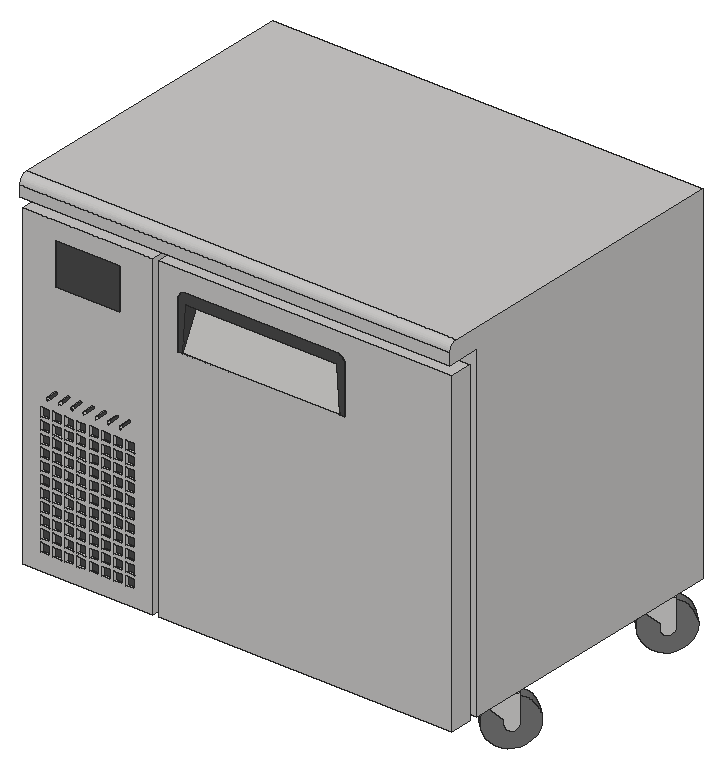
Revit family "QF_Turbo Air_JUF-36", category Specialty Equipment, Revit 2012
Parameters
  Weight in Pounds = 197
  Watermarked By = "http://revitwatermark.com"
  Volts = 115 V
  URL Cutsheet = ""
  URL = "www.turboairinc.com"
  Status [instance] = ""
  Specification by User [instance] = ""
  Specification by Manufacturer [instance] = ""
  Serial Number [instance] = ""
  Revision Code [instance] = ""
  Phase = 1
  Number of Poles [instance] = 1
  NAFEM Spec ID Number [instance] = ""
  Model = "JUF-36"
  Masterspec [instance] = ""
  Manufacturer = "Turbo Air"  # constant formula
  Legs [instance] = [6 inch Legs]  # no
  Item Number [instance] = "-"
  Installed By [instance] = ""
  HP = "1/3"
  Furnished By [instance] = ""
  Foodservice Equipment Identifier = yes
  FL Amps = 5 A
  Electrical Remarks [instance] = ""
  Electric Connection Type [instance] = ""
  Elec Conn RI Height [instance] = 0' - 0"
  Elec Conn Connection Height = 1' - 0"
  Description = "Undercounter Freezer"
  Cycle = 60 Hz
  Conn Plug = "NEMA 5-15P"
  Casters [instance] = not(Legs)  # yes
  CasterLeg Height [instance] = if([4 inch Casters], 0' 5", if([5 inch Casters], 0' 5 3/4", if([2_5 inch Casters], 0' 3 3/8", 0' 6")))  # 0' - 5"
  CSI MasterFormat = "11 41 13"
  Assembly Code = "E1090320"
  Apparent Power = if(Phase = 3, Volts * FL Amps * 1.73, Volts * FL Amps)  # 575 VA
  6 inch Legs [instance] = no
  5 inch Casters [instance] = no
  4 inch Casters [instance] = yes
  2_5 inch Casters [instance] = no
Reference planes (in)
  plane 1 "BACK": y = -1.5
  plane 2: z = 0
  plane 3 "LEFT": x = -20.72594
  plane 4 "Bottom": z = 5
  plane 5 "Back Stops": y = -0.5
  plane 6 "RIGHT": x = 14.64906
  plane 7 "FRONT": y = -29
  plane 8 "Door Clearance": y = -49.875
  plane 9 "Back of Door": y = -25.4375
  plane 10 "Front of Box": y = -24.75
  plane 11 "Counter Top": z = 33.75
  plane 12 "Top of Door": z = 31.25
  plane 13 "Front of Doors": y = -27.25
  plane 14 "Front of Ledge": y = -27.5
  plane 15 "Left of Door": x = -9.53844
  plane 16 "Right of Grill": x = -9.97594
Forms (in)
  Extrusion 1, solid, material "QF_Finishes_Stainless Steel"
    sketch origin (-20.72594, 0, 0) x (0, 1, 0) y (0, 0, 1)
      loop
        line (-1.5, 5) -> (-1.5, 33.75) -> (-26.8125, 33.75)
        arc (-26.8125, 33.75) -> (-27.29864, 33.54864) -> (-27.5, 33.0625) r 0.6875
        line (-27.5, 33.0625) -> (-27.5, 32.125) -> (-24.75, 32.125) -> (-24.75, 5) -> (-1.5, 5)
    from 0 to 35.375
  Extrusion 2, solid, material "QF_Finishes_Black"
    sketch origin (0, -24.75, 0) x (1, 0, 0) y (0, 0, 1)
      loop
        line (13.64906, 6) -> (13.64906, 30.25) -> (-8.53844, 30.25) -> (-8.53844, 6) -> (13.64906, 6)
    from 0 to 0.6875
  Extrusion 3, solid, material "QF_Finishes_Black"
    sketch origin (0, -1.5, 0) x (1, 0, 0) y (0, 0, 1)
      loop
        circle (-14.60094, 28.9375) r 0.5
      loop
        circle (8.52406, 28.9375) r 0.5
    from 0 to -1
  Extrusion 4, solid, material "QF_Finishes_Stainless Steel"
    sketch origin (0, -1.5, 0) x (1, 0, 0) y (0, 0, 1)
      loop
        circle (-15.35094, 11.125) r 0.25
    from 0 to -0.0625
  Extrusion 5, solid, material "QF_Finishes_Stainless Steel"
    sketch origin (0, -24.75, 0) x (1, 0, 0) y (0, 0, 1)
      loop
        line (-20.72594, 31.25) -> (-20.72594, 5) -> (-9.97594, 5) -> (-9.97594, 31.25) -> (-20.72594, 31.25)
      loop
        line (-11.47594, 7.125) -> (-12.22594, 7.125) -> (-12.22594, 6.375) -> (-11.47594, 6.375) -> (-11.47594, 7.125)
      loop
        line (-12.47594, 7.125) -> (-13.22594, 7.125) -> (-13.22594, 6.375) -> (-12.47594, 6.375) -> (-12.47594, 7.125)
      loop
        line (-13.47594, 7.125) -> (-14.22594, 7.125) -> (-14.22594, 6.375) -> (-13.47594, 6.375) -> (-13.47594, 7.125)
      loop
        line (-14.47594, 7.125) -> (-15.22594, 7.125) -> (-15.22594, 6.375) -> (-14.47594, 6.375) -> (-14.47594, 7.125)
      loop
        line (-15.47594, 7.125) -> (-16.22594, 7.125) -> (-16.22594, 6.375) -> (-15.47594, 6.375) -> (-15.47594, 7.125)
      loop
        line (-16.47594, 7.125) -> (-17.22594, 7.125) -> (-17.22594, 6.375) -> (-16.47594, 6.375) -> (-16.47594, 7.125)
      loop
        line (-17.47594, 7.125) -> (-18.22594, 7.125) -> (-18.22594, 6.375) -> (-17.47594, 6.375) -> (-17.47594, 7.125)
      loop
        line (-18.47594, 7.125) -> (-19.22594, 7.125) -> (-19.22594, 6.375) -> (-18.47594, 6.375) -> (-18.47594, 7.125)
      loop
        line (-11.47594, 8.125) -> (-12.22594, 8.125) -> (-12.22594, 7.375) -> (-11.47594, 7.375) -> (-11.47594, 8.125)
      loop
        line (-12.47594, 8.125) -> (-13.22594, 8.125) -> (-13.22594, 7.375) -> (-12.47594, 7.375) -> (-12.47594, 8.125)
      loop
        line (-13.47594, 8.125) -> (-14.22594, 8.125) -> (-14.22594, 7.375) -> (-13.47594, 7.375) -> (-13.47594, 8.125)
      loop
        line (-14.47594, 8.125) -> (-15.22594, 8.125) -> (-15.22594, 7.375) -> (-14.47594, 7.375) -> (-14.47594, 8.125)
      loop
        line (-15.47594, 8.125) -> (-16.22594, 8.125) -> (-16.22594, 7.375) -> (-15.47594, 7.375) -> (-15.47594, 8.125)
      loop
        line (-16.47594, 8.125) -> (-17.22594, 8.125) -> (-17.22594, 7.375) -> (-16.47594, 7.375) -> (-16.47594, 8.125)
      loop
        line (-17.47594, 8.125) -> (-18.22594, 8.125) -> (-18.22594, 7.375) -> (-17.47594, 7.375) -> (-17.47594, 8.125)
      loop
        line (-18.47594, 8.125) -> (-19.22594, 8.125) -> (-19.22594, 7.375) -> (-18.47594, 7.375) -> (-18.47594, 8.125)
      loop
        line (-11.47594, 9.125) -> (-12.22594, 9.125) -> (-12.22594, 8.375) -> (-11.47594, 8.375) -> (-11.47594, 9.125)
      loop
        line (-12.47594, 9.125) -> (-13.22594, 9.125) -> (-13.22594, 8.375) -> (-12.47594, 8.375) -> (-12.47594, 9.125)
      loop
        line (-13.47594, 9.125) -> (-14.22594, 9.125) -> (-14.22594, 8.375) -> (-13.47594, 8.375) -> (-13.47594, 9.125)
      loop
        line (-14.47594, 9.125) -> (-15.22594, 9.125) -> (-15.22594, 8.375) -> (-14.47594, 8.375) -> (-14.47594, 9.125)
      loop
        line (-15.47594, 9.125) -> (-16.22594, 9.125) -> (-16.22594, 8.375) -> (-15.47594, 8.375) -> (-15.47594, 9.125)
      loop
        line (-16.47594, 9.125) -> (-17.22594, 9.125) -> (-17.22594, 8.375) -> (-16.47594, 8.375) -> (-16.47594, 9.125)
      loop
        line (-17.47594, 9.125) -> (-18.22594, 9.125) -> (-18.22594, 8.375) -> (-17.47594, 8.375) -> (-17.47594, 9.125)
      loop
        line (-18.47594, 9.125) -> (-19.22594, 9.125) -> (-19.22594, 8.375) -> (-18.47594, 8.375) -> (-18.47594, 9.125)
      loop
        line (-11.47594, 10.125) -> (-12.22594, 10.125) -> (-12.22594, 9.375) -> (-11.47594, 9.375) -> (-11.47594, 10.125)
      loop
        line (-12.47594, 10.125) -> (-13.22594, 10.125) -> (-13.22594, 9.375) -> (-12.47594, 9.375) -> (-12.47594, 10.125)
      loop
        line (-13.47594, 10.125) -> (-14.22594, 10.125) -> (-14.22594, 9.375) -> (-13.47594, 9.375) -> (-13.47594, 10.125)
      loop
        line (-14.47594, 10.125) -> (-15.22594, 10.125) -> (-15.22594, 9.375) -> (-14.47594, 9.375) -> (-14.47594, 10.125)
      loop
        line (-15.47594, 10.125) -> (-16.22594, 10.125) -> (-16.22594, 9.375) -> (-15.47594, 9.375) -> (-15.47594, 10.125)
      loop
        line (-16.47594, 10.125) -> (-17.22594, 10.125) -> (-17.22594, 9.375) -> (-16.47594, 9.375) -> (-16.47594, 10.125)
      loop
        line (-17.47594, 10.125) -> (-18.22594, 10.125) -> (-18.22594, 9.375) -> (-17.47594, 9.375) -> (-17.47594, 10.125)
      loop
        line (-18.47594, 10.125) -> (-19.22594, 10.125) -> (-19.22594, 9.375) -> (-18.47594, 9.375) -> (-18.47594, 10.125)
      loop
        line (-11.47594, 11.125) -> (-12.22594, 11.125) -> (-12.22594, 10.375) -> (-11.47594, 10.375) -> (-11.47594, 11.125)
      loop
        line (-12.47594, 11.125) -> (-13.22594, 11.125) -> (-13.22594, 10.375) -> (-12.47594, 10.375) -> (-12.47594, 11.125)
      loop
        line (-13.47594, 11.125) -> (-14.22594, 11.125) -> (-14.22594, 10.375) -> (-13.47594, 10.375) -> (-13.47594, 11.125)
      loop
        line (-14.47594, 11.125) -> (-15.22594, 11.125) -> (-15.22594, 10.375) -> (-14.47594, 10.375) -> (-14.47594, 11.125)
      loop
        line (-15.47594, 11.125) -> (-16.22594, 11.125) -> (-16.22594, 10.375) -> (-15.47594, 10.375) -> (-15.47594, 11.125)
      loop
        line (-16.47594, 11.125) -> (-17.22594, 11.125) -> (-17.22594, 10.375) -> (-16.47594, 10.375) -> (-16.47594, 11.125)
      loop
        line (-17.47594, 11.125) -> (-18.22594, 11.125) -> (-18.22594, 10.375) -> (-17.47594, 10.375) -> (-17.47594, 11.125)
      loop
        line (-18.47594, 11.125) -> (-19.22594, 11.125) -> (-19.22594, 10.375) -> (-18.47594, 10.375) -> (-18.47594, 11.125)
      loop
        line (-11.47594, 12.125) -> (-12.22594, 12.125) -> (-12.22594, 11.375) -> (-11.47594, 11.375) -> (-11.47594, 12.125)
      loop
        line (-12.47594, 12.125) -> (-13.22594, 12.125) -> (-13.22594, 11.375) -> (-12.47594, 11.375) -> (-12.47594, 12.125)
      loop
        line (-13.47594, 12.125) -> (-14.22594, 12.125) -> (-14.22594, 11.375) -> (-13.47594, 11.375) -> (-13.47594, 12.125)
      loop
        line (-14.47594, 12.125) -> (-15.22594, 12.125) -> (-15.22594, 11.375) -> (-14.47594, 11.375) -> (-14.47594, 12.125)
      loop
        line (-15.47594, 12.125) -> (-16.22594, 12.125) -> (-16.22594, 11.375) -> (-15.47594, 11.375) -> (-15.47594, 12.125)
      loop
        line (-16.47594, 12.125) -> (-17.22594, 12.125) -> (-17.22594, 11.375) -> (-16.47594, 11.375) -> (-16.47594, 12.125)
      loop
        line (-17.47594, 12.125) -> (-18.22594, 12.125) -> (-18.22594, 11.375) -> (-17.47594, 11.375) -> (-17.47594, 12.125)
      loop
        line (-18.47594, 12.125) -> (-19.22594, 12.125) -> (-19.22594, 11.375) -> (-18.47594, 11.375) -> (-18.47594, 12.125)
      loop
        line (-11.47594, 13.125) -> (-12.22594, 13.125) -> (-12.22594, 12.375) -> (-11.47594, 12.375) -> (-11.47594, 13.125)
      loop
        line (-12.47594, 13.125) -> (-13.22594, 13.125) -> (-13.22594, 12.375) -> (-12.47594, 12.375) -> (-12.47594, 13.125)
      loop
        line (-13.47594, 13.125) -> (-14.22594, 13.125) -> (-14.22594, 12.375) -> (-13.47594, 12.375) -> (-13.47594, 13.125)
      loop
        line (-14.47594, 13.125) -> (-15.22594, 13.125) -> (-15.22594, 12.375) -> (-14.47594, 12.375) -> (-14.47594, 13.125)
      loop
        line (-15.47594, 13.125) -> (-16.22594, 13.125) -> (-16.22594, 12.375) -> (-15.47594, 12.375) -> (-15.47594, 13.125)
      loop
        line (-16.47594, 13.125) -> (-17.22594, 13.125) -> (-17.22594, 12.375) -> (-16.47594, 12.375) -> (-16.47594, 13.125)
      loop
        line (-17.47594, 13.125) -> (-18.22594, 13.125) -> (-18.22594, 12.375) -> (-17.47594, 12.375) -> (-17.47594, 13.125)
      loop
        line (-18.47594, 13.125) -> (-19.22594, 13.125) -> (-19.22594, 12.375) -> (-18.47594, 12.375) -> (-18.47594, 13.125)
      loop
        line (-11.47594, 14.125) -> (-12.22594, 14.125) -> (-12.22594, 13.375) -> (-11.47594, 13.375) -> (-11.47594, 14.125)
      loop
        line (-12.47594, 14.125) -> (-13.22594, 14.125) -> (-13.22594, 13.375) -> (-12.47594, 13.375) -> (-12.47594, 14.125)
      loop
        line (-13.47594, 14.125) -> (-14.22594, 14.125) -> (-14.22594, 13.375) -> (-13.47594, 13.375) -> (-13.47594, 14.125)
      loop
        line (-14.47594, 14.125) -> (-15.22594, 14.125) -> (-15.22594, 13.375) -> (-14.47594, 13.375) -> (-14.47594, 14.125)
      loop
        line (-15.47594, 14.125) -> (-16.22594, 14.125) -> (-16.22594, 13.375) -> (-15.47594, 13.375) -> (-15.47594, 14.125)
      loop
        line (-16.47594, 14.125) -> (-17.22594, 14.125) -> (-17.22594, 13.375) -> (-16.47594, 13.375) -> (-16.47594, 14.125)
      loop
        line (-17.47594, 14.125) -> (-18.22594, 14.125) -> (-18.22594, 13.375) -> (-17.47594, 13.375) -> (-17.47594, 14.125)
      loop
        line (-18.47594, 14.125) -> (-19.22594, 14.125) -> (-19.22594, 13.375) -> (-18.47594, 13.375) -> (-18.47594, 14.125)
      loop
        line (-11.47594, 15.125) -> (-12.22594, 15.125) -> (-12.22594, 14.375) -> (-11.47594, 14.375) -> (-11.47594, 15.125)
      loop
        line (-12.47594, 15.125) -> (-13.22594, 15.125) -> (-13.22594, 14.375) -> (-12.47594, 14.375) -> (-12.47594, 15.125)
      loop
        line (-13.47594, 15.125) -> (-14.22594, 15.125) -> (-14.22594, 14.375) -> (-13.47594, 14.375) -> (-13.47594, 15.125)
      loop
        line (-14.47594, 15.125) -> (-15.22594, 15.125) -> (-15.22594, 14.375) -> (-14.47594, 14.375) -> (-14.47594, 15.125)
      loop
        line (-15.47594, 15.125) -> (-16.22594, 15.125) -> (-16.22594, 14.375) -> (-15.47594, 14.375) -> (-15.47594, 15.125)
      loop
        line (-16.47594, 15.125) -> (-17.22594, 15.125) -> (-17.22594, 14.375) -> (-16.47594, 14.375) -> (-16.47594, 15.125)
      loop
        line (-17.47594, 15.125) -> (-18.22594, 15.125) -> (-18.22594, 14.375) -> (-17.47594, 14.375) -> (-17.47594, 15.125)
      loop
        line (-18.47594, 15.125) -> (-19.22594, 15.125) -> (-19.22594, 14.375) -> (-18.47594, 14.375) -> (-18.47594, 15.125)
      loop
        line (-11.47594, 16.125) -> (-12.22594, 16.125) -> (-12.22594, 15.375) -> (-11.47594, 15.375) -> (-11.47594, 16.125)
      loop
        line (-12.47594, 16.125) -> (-13.22594, 16.125) -> (-13.22594, 15.375) -> (-12.47594, 15.375) -> (-12.47594, 16.125)
      loop
        line (-13.47594, 16.125) -> (-14.22594, 16.125) -> (-14.22594, 15.375) -> (-13.47594, 15.375) -> (-13.47594, 16.125)
      loop
        line (-14.47594, 16.125) -> (-15.22594, 16.125) -> (-15.22594, 15.375) -> (-14.47594, 15.375) -> (-14.47594, 16.125)
      loop
        line (-15.47594, 16.125) -> (-16.22594, 16.125) -> (-16.22594, 15.375) -> (-15.47594, 15.375) -> (-15.47594, 16.125)
      loop
        line (-16.47594, 16.125) -> (-17.22594, 16.125) -> (-17.22594, 15.375) -> (-16.47594, 15.375) -> (-16.47594, 16.125)
      loop
        line (-17.47594, 16.125) -> (-18.22594, 16.125) -> (-18.22594, 15.375) -> (-17.47594, 15.375) -> (-17.47594, 16.125)
      loop
        line (-18.47594, 16.125) -> (-19.22594, 16.125) -> (-19.22594, 15.375) -> (-18.47594, 15.375) -> (-18.47594, 16.125)
      loop
        line (-11.47594, 17.125) -> (-12.22594, 17.125) -> (-12.22594, 16.375) -> (-11.47594, 16.375) -> (-11.47594, 17.125)
      loop
        line (-12.47594, 17.125) -> (-13.22594, 17.125) -> (-13.22594, 16.375) -> (-12.47594, 16.375) -> (-12.47594, 17.125)
      loop
        line (-13.47594, 17.125) -> (-14.22594, 17.125) -> (-14.22594, 16.375) -> (-13.47594, 16.375) -> (-13.47594, 17.125)
      loop
        line (-14.47594, 17.125) -> (-15.22594, 17.125) -> (-15.22594, 16.375) -> (-14.47594, 16.375) -> (-14.47594, 17.125)
      loop
        line (-15.47594, 17.125) -> (-16.22594, 17.125) -> (-16.22594, 16.375) -> (-15.47594, 16.375) -> (-15.47594, 17.125)
      loop
        line (-16.47594, 17.125) -> (-17.22594, 17.125) -> (-17.22594, 16.375) -> (-16.47594, 16.375) -> (-16.47594, 17.125)
      loop
        line (-17.47594, 17.125) -> (-18.22594, 17.125) -> (-18.22594, 16.375) -> (-17.47594, 16.375) -> (-17.47594, 17.125)
      loop
        line (-18.47594, 17.125) -> (-19.22594, 17.125) -> (-19.22594, 16.375) -> (-18.47594, 16.375) -> (-18.47594, 17.125)
      loop
        arc (-14.68933, 17.96339) -> (-14.68933, 17.78661) -> (-14.51255, 17.78661) r 0.125
        line (-14.51255, 17.78661) -> (-13.80544, 18.49372)
        arc (-13.80544, 18.49372) -> (-13.80544, 18.6705) -> (-13.98222, 18.6705) r 0.125
        line (-13.98222, 18.6705) -> (-14.68933, 17.96339)
      loop
        arc (-13.68933, 17.96339) -> (-13.68933, 17.78661) -> (-13.51255, 17.78661) r 0.125
        line (-13.51255, 17.78661) -> (-12.80544, 18.49372)
        arc (-12.80544, 18.49372) -> (-12.80544, 18.6705) -> (-12.98222, 18.6705) r 0.125
        line (-12.98222, 18.6705) -> (-13.68933, 17.96339)
      loop
        arc (-12.68933, 17.96339) -> (-12.68933, 17.78661) -> (-12.51255, 17.78661) r 0.125
        line (-12.51255, 17.78661) -> (-11.80544, 18.49372)
        arc (-11.80544, 18.49372) -> (-11.80544, 18.6705) -> (-11.98222, 18.6705) r 0.125
        line (-11.98222, 18.6705) -> (-12.68933, 17.96339)
      loop
        arc (-17.68933, 17.96339) -> (-17.68933, 17.78661) -> (-17.51255, 17.78661) r 0.125
        line (-17.51255, 17.78661) -> (-16.80544, 18.49372)
        arc (-16.80544, 18.49372) -> (-16.80544, 18.6705) -> (-16.98222, 18.6705) r 0.125
        line (-16.98222, 18.6705) -> (-17.68933, 17.96339)
      loop
        arc (-16.68933, 17.96339) -> (-16.68933, 17.78661) -> (-16.51255, 17.78661) r 0.125
        line (-16.51255, 17.78661) -> (-15.80544, 18.49372)
        arc (-15.80544, 18.49372) -> (-15.80544, 18.6705) -> (-15.98222, 18.6705) r 0.125
        line (-15.98222, 18.6705) -> (-16.68933, 17.96339)
      loop
        arc (-15.68933, 17.96339) -> (-15.68933, 17.78661) -> (-15.51255, 17.78661) r 0.125
        line (-15.51255, 17.78661) -> (-14.80544, 18.49372)
        arc (-14.80544, 18.49372) -> (-14.80544, 18.6705) -> (-14.98222, 18.6705) r 0.125
        line (-14.98222, 18.6705) -> (-15.68933, 17.96339)
      loop
        arc (-18.68933, 17.96339) -> (-18.68933, 17.78661) -> (-18.51255, 17.78661) r 0.125
        line (-18.51255, 17.78661) -> (-17.80544, 18.49372)
        arc (-17.80544, 18.49372) -> (-17.80544, 18.6705) -> (-17.98222, 18.6705) r 0.125
        line (-17.98222, 18.6705) -> (-18.68933, 17.96339)
      loop
        line (-12.72594, 29.75) -> (-17.97594, 29.75) -> (-17.97594, 26.375) -> (-12.72594, 26.375) -> (-12.72594, 29.75)
    from 0 to 2.5
  Extrusion 6, solid, material "QF_Finishes_Black"
    sketch origin (0, -24.75, 0) x (1, 0, 0) y (0, 0, 1)
      loop
        line (-19.72594, 5.875) -> (-10.97594, 5.875) -> (-10.97594, 19.125) -> (-19.72594, 19.125) -> (-19.72594, 5.875)
    from 0 to 2.25
  Extrusion 7, solid, material "QF_Finishes_Black"
    sketch origin (0, -24.75, 0) x (1, 0, 0) y (0, 0, 1)
      loop
        line (-17.97594, 29.75) -> (-17.97594, 26.375) -> (-12.72594, 26.375) -> (-12.72594, 29.75) -> (-17.97594, 29.75)
    from 0 to 2.5
Lines and regions (in)
  symbolic lines
    curve 1: line (-20.72594, -1.5, 33.75) -> (14.64906, -1.5, 33.75)
    curve 2: line (-20.72594, -29, 33.75) -> (-20.72594, -1.5, 33.75)
    curve 3: line (14.64906, -29, 33.75) -> (-20.72594, -29, 33.75)
    curve 4: line (14.64906, -1.5, 33.75) -> (14.64906, -29, 33.75)
    curve 5: line (8.02406, -0.5, 33.75) -> (9.02406, -0.5, 33.75)
    curve 6: line (-15.10094, -0.5, 33.75) -> (-14.10094, -0.5, 33.75)
    curve 7: line (-15.10094, -0.5, 33.75) -> (-15.10094, -1.5, 33.75)
    curve 8: line (-14.10094, -0.5, 33.75) -> (-14.10094, -1.5, 33.75)
    curve 9: line (8.02406, -0.5, 33.75) -> (8.02406, -1.5, 33.75)
    curve 10: line (9.02406, -0.5, 33.75) -> (9.02406, -1.5, 33.75)
  symbolic lines, style "QF_Clearances", detail levels coarse
    curve 11: line (14.64906, -29, 33.75) -> (14.64906, -49.875, 33.75)
    curve 12: arc (14.64906, -49.875, 33.75) -> (-1.23984, -43.92422, 33.75) -> (-9.31054, -29, 33.75) r 24.1875
Dimensions and locks (in)
  "CasterLeg Height": plane 4 "Bottom" to plane 2
  locked: plane 1 "BACK" to plane 5 "Back Stops" at 1
  locked: plane 6 "RIGHT" to plane 3 "LEFT" at 35.375
  locked: plane 7 "FRONT" to plane 1 "BACK" at 27.5
  locked: plane 9 "Back of Door" to plane 10 "Front of Box" at 0.6875
  locked: plane 11 "Counter Top" to plane 4 "Bottom" at 28.75
  locked: Extrusion 2 sketch curve to plane 6 "RIGHT" at 1
  locked: nested 1 to plane 1 "BACK" at 2.5625
  locked: plane 3 "LEFT" to nested 1 at 2.5
  locked: plane 3 "LEFT" to nested 2 at 2.5
  locked: plane 10 "Front of Box" to nested 2 at 4.625
  locked: nested 3 to plane 6 "RIGHT" at 2.5
  locked: nested 4 to plane 6 "RIGHT" at 2.5
  locked: plane 10 "Front of Box" to nested 4 at 4.625
  locked: nested 3 to plane 1 "BACK" at 2.5625
  locked: plane 11 "Counter Top" to Extrusion 3 sketch curve at 4.8125  (x2)
  locked: plane 6 "RIGHT" to Extrusion 3 sketch curve at 6.125
  locked: Extrusion 3 sketch curve to plane 3 "LEFT" at 6.125
  locked: Extrusion 4 sketch curve to plane 4 "Bottom" at 6.125
  locked: Extrusion 2 sketch curve to plane 4 "Bottom" at 1
  locked: plane 12 "Top of Door" to Extrusion 2 sketch curve at 1
  locked: plane 13 "Front of Doors" to plane 10 "Front of Box" at 2.5
  locked: plane 14 "Front of Ledge" to plane 13 "Front of Doors" at 0.25
  locked: plane 11 "Counter Top" to plane 12 "Top of Door" at 2.5
  locked: plane 11 "Counter Top" to Extrusion 1 sketch curve at 1.625
  locked: plane 15 "Left of Door" to plane 6 "RIGHT" at 24.1875
  locked: plane 3 "LEFT" to plane 16 "Right of Grill" at 10.75
  locked: Extrusion 2 sketch curve to plane 15 "Left of Door" at 1
  locked: plane 3 "LEFT" to Extrusion 6 sketch curve at 1
  locked: plane 16 "Right of Grill" to Extrusion 6 sketch curve at 1
  locked: Extrusion 6 sketch curve to plane 4 "Bottom" at 0.875
  locked: Extrusion 6 sketch curve to Extrusion 6 sketch curve at 13.25
  locked: Extrusion 4 sketch curve to plane 3 "LEFT" at 5.375
  locked: plane 8 "Door Clearance" to plane 7 "FRONT" at 20.875
  aligned and locked: level to plane 2
  aligned and locked: Extrusion 1 sketch curve to plane 1 "BACK"
  aligned and locked: Extrusion 1 sketch curve to plane 4 "Bottom"
  aligned and locked: plane 10 "Front of Box" to Extrusion 1 sketch curve
  aligned and locked: plane 6 "RIGHT" to Extrusion 1
  aligned and locked: plane 9 "Back of Door" to Extrusion 2
  aligned and locked: Extrusion 1 sketch curve to plane 11 "Counter Top"
  aligned and locked: Extrusion 3 to plane 5 "Back Stops"
  aligned and locked: plane 1 "BACK" to curve 1
  aligned and locked: plane 3 "LEFT" to curve 2
  aligned and locked: curve 3 to plane 7 "FRONT"
  aligned and locked: curve 5 to Extrusion 3
  aligned and locked: curve 6 to Extrusion 3
  aligned and locked: plane 4 "Bottom" to nested 5
  aligned and locked: Extrusion 1 sketch curve to plane 14 "Front of Ledge"
  aligned and locked: plane 15 "Left of Door" to nested 5
  aligned and locked: Extrusion 5 sketch curve to plane 12 "Top of Door"
  aligned and locked: plane 3 "LEFT" to Extrusion 5 sketch curve
  aligned and locked: plane 4 "Bottom" to Extrusion 5 sketch curve
  aligned and locked: plane 16 "Right of Grill" to Extrusion 5 sketch curve
  aligned and locked: plane 13 "Front of Doors" to Extrusion 5
  aligned and locked: plane 13 "Front of Doors" to Extrusion 7
  aligned and locked: plane 6 "RIGHT" to nested 5
Automatic sketch dimensions
  Extrusion 5 sketch curve to Extrusion 5 sketch curve = 0' - 0"  (x162)
  Extrusion 5 sketch curve to Extrusion 5 sketch curve = 0' - 0.08839"  (x42)
  Extrusion 5 sketch curve to Extrusion 5 sketch curve = 0' - 0 1/4"  (x127)
  Extrusion 5 sketch curve to Extrusion 5 sketch curve = 0' - 0.82322"  (x6)
  Extrusion 5 sketch curve to Extrusion 5 sketch curve = 0' - 0.11612"  (x6)
  Extrusion 5 sketch curve to Extrusion 5 sketch curve = 0' - 0 3/4"  (x54)
  Extrusion 5 sketch curve to Extrusion 5 sketch curve = 0' - 0.03661"  (x6)
  Extrusion 5 sketch curve to plane 16 "Right of Grill" = 0' - 2 3/4"
  plane 4 "Bottom" to Extrusion 5 sketch curve = 0' - 1 3/8"  (x2)
  Extrusion 5 sketch curve to Extrusion 5 sketch curve = 0' - 0.66161"  (x7)
  Extrusion 5 sketch curve to Extrusion 5 sketch curve = 0' - 0.53033"  (x6)
  Extrusion 5 sketch curve to Extrusion 5 sketch curve = 0' - 0.70711"  (x2)
  Extrusion 5 sketch curve to plane 12 "Top of Door" = 0' - 4 7/8"
  Extrusion 5 sketch curve to plane 12 "Top of Door" = 0' - 1 1/2"
  Extrusion 7 sketch curve to plane 16 "Right of Grill" = 0' - 2 3/4"
  Extrusion 7 sketch curve to plane 12 "Top of Door" = 0' - 4 7/8"
  Extrusion 7 sketch curve to plane 12 "Top of Door" = 0' - 1 1/2"
  curve 12 to plane 6 "RIGHT" = 0' - 0"
  plane 8 "Door Clearance" to curve 12 = 0' - 0"
  plane 9 "Back of Door" to curve 12 = 0' - 0 1/4"
  curve 5 to curve 5 = 0' - 1"
  curve 6 to curve 6 = 0' - 1"
  Extrusion 1 sketch curve to plane 13 "Front of Doors" = 0' - 0 7/16"
  curve 6 to plane 16 "Right of Grill" = 0' - 4 1/8"
  plane 3 "LEFT" to Extrusion 5 sketch curve = 0' - 1 1/2"
  Extrusion 5 sketch curve to Extrusion 5 sketch curve = 0' - 0.53661"
  plane 3 "LEFT" to Extrusion 5 sketch curve = 0' - 2 3/4"
  plane 3 "LEFT" to Extrusion 7 sketch curve = 0' - 2 3/4"
  curve 10 to plane 6 "RIGHT" = 0' - 5 5/8"
  radius of Extrusion 3 sketch curve = 0' - 0 1/2"  (x2)
  radius of Extrusion 4 sketch curve = 0' - 0 1/4"
Nested families (in)
  nested 1: "FESCasterLeg" at (-18.22594, -4.0625, 0), Legs <- "Legs", Casters <- "Casters", Height <- "CasterLeg Height", type "FESCasterLeg"
    with Legs no, Height 0' - 5", Casters yes, Caster Radius 0' - 2"
  nested 2: "FESCasterLeg" at (-18.22594, -20.125, 0), Legs <- "Legs", Casters <- "Casters", Height <- "CasterLeg Height", type "FESCasterLeg"
    with Legs no, Height 0' - 5", Casters yes, Caster Radius 0' - 2"
  nested 3: "FESCasterLeg" at (12.14906, -4.0625, 0), Legs <- "Legs", Casters <- "Casters", Height <- "CasterLeg Height", type "FESCasterLeg"
    with Legs no, Height 0' - 5", Casters yes, Caster Radius 0' - 2"
  nested 4: "FESCasterLeg" at (12.14906, -20.125, 0), Legs <- "Legs", Casters <- "Casters", Height <- "CasterLeg Height", type "FESCasterLeg"
    with Legs no, Height 0' - 5", Casters yes, Caster Radius 0' - 2"
  nested 5: "QF_Turbo Air_TBL_Door-1" at (-0.52761, -25.4375, 5) x (-1, 0, 0) z (0, 0, 1), type "QF_Turbo Air_TBL_Door-1"
    with Width 2' - 0 3/16", Symbolic Lines no, Height 2' - 2 1/4", Handle Width 1' - 1 11/16", Depth 0' - 1 13/16"
Connectors (in)
  electrical at (-15.35094, -1.4375, 11.125), driven by "Number of Poles", driven by "Volts", driven by "Apparent Power"
    settings: on Extrusion 4, index 1, voltage 115 V, apparent load 575 VA, apparent load phase1 0 VA, apparent load phase2 0 VA, apparent load phase3 0 VA, power factor 1, load classification "Other", number of poles 1, system type 30, power factor state 1, is connector primary yes, connector utility no, sub classification motor no, connector description ""
Definition of nested family "FESCasterLeg"
  Parameters (values of type "FESCasterLeg")
    Watermarked By = "http://revitwatermark.com"
    Type Comments = "⍁⍉⌁⌀⏭⎽⌇⍠⌜⍉⎖⌥⌦⌯⍭⏊⍻⍿⍊⏵⍊⏗⏠⍴⎡⌈⎀⍠⌓⌤⏘⎐⍀⌐⏬⏁⎈⏍⏦⎒⏬⌝⍩⍇⌣〈⎫〉⎁⏊⍥⍖⍥⍝⍦⌖⍀⏌⏭⎝⎼⏷⏞⍻⏯⎽⏷⏞⍻⏯⎽⏷⎺⌻⎝⍎⌧⏷⏟⏿⌿⍜⍦⍤⌁⍬⏶⏎⍊⏚⏉⎞⌡⎀⎪⏈⌟⌿⍾⍼⌟⌿⌢⌞⏜⏝⎽⍷⍷⍯⍧⍷⌯⍽⏸⏨⏾⏎⌣⏺⍹⏼⏅⎏⌽⎫⎪⍙⎓⏗⎗⏅⌴⍏⍏⍿⏑⎺⍘⌭⏲⍥⎛⎾⎾⍞⍌⎪⎲⌙⎥⏏⎟⎟⏼⏘⎏⎝⏧⏍⏁⍏⍧⏯⏾⌟"
    Legs [instance] = yes
    Height [instance] = 0' - 6"
    Caster Radius [instance] = if(Height < 0' 3", 0' 1", (Height / 2) - 0' 0 1/2")  # 0' - 2 1/2"
    Casters [instance] = yes
    Assembly Code = ""
  Reference planes (in)
    plane 1 "Center (Front/Back)": y = 0
    plane 2: z = 0
    plane 3 "Center (Left/Right)": x = 0
    plane 4: z = 6
    plane 5: z = 5.5
  Forms (in)
    Extrusion 1, solid, material "QF_Finishes_Stainless Steel", visible <- "Casters"
      sketch origin (-24.12131, -22.88887, 10.18833) x (0.707107, 0.707107, 0) y (0, 0, 1)
        loop
          line (34.98772, -7.68833) -> (34.98772, -4.93833) -> (34.48772, -4.93833) -> (34.39402, -4.68833) -> (32.39402, -4.68833) -> (32.39402, -5.43833) -> (33.98772, -7.34206) -> (33.98772, -7.68833)
          arc (33.98772, -7.68833) -> (34.48772, -8.18833) -> (34.98772, -7.68833) r 0.5
      from 0 to 1.75
    Extrusion 2, solid, material "QF_Finishes_Rubber Black", visible <- "Casters"
      sketch origin (-24.32327, -23.09083, 13.31461) x (0.707107, 0.707107, 0) y (0, 0, 1)
        loop
          circle (34.77334, -10.81461) r 2.5
      from 0.375 to 1.375
    Extrusion 3, solid, material "QF_Finishes_Stainless Steel", visible <- "Casters"
      sketch origin (-7.24148, -8.48391, 0) x (0.707107, 0.707107, 0) y (0, 0, 1)
        loop
          line (10.61603, 5.5) -> (11.61603, 5.5) -> (11.61603, 6) -> (10.61603, 6) -> (10.61603, 5.5)
      from 0 to -1.75
    Blend 4, solid, material "QF_Finishes_Stainless Steel", visible <- "Legs"
      base sketch origin (0, 0, 0) x (1, 0, 0) y (0, 1, 0)
        loop
          circle (0, 0) r 0.5
      top sketch origin (0, 0, 0) x (1, 0, 0) y (0, 1, 0)
        loop
          circle (0, 0) r 1
      from 0 to 6 <- "Height"
  Lines and regions (in)
    symbolic lines, style "QF_Hidden Details", visible <- "Casters", built-in parameter 1006206 <- "Casters"
      curve 1: line (-1.26158, -0.51911, 0) -> (1.39007, 2.13254, 0)
      curve 2: line (-0.53429, -1.24639, 0) -> (2.11736, 1.40526, 0)
    symbolic lines, style "QF_Hidden Details", built-in parameter 1006206 <- "Casters", visible <- "Casters"
      curve 3: line (-1.26158, -0.51911, 0) -> (1.39007, 2.13254, 0)
      curve 4: line (-0.53429, -1.24639, 0) -> (2.11736, 1.40526, 0)
  Dimensions and locks (in)
    locked: plane 4 to plane 5 at 0.5
    "Height": plane 4 to level
    "Caster Radius": Extrusion 2 sketch curve to level
    "Caster Radius": Extrusion 1 sketch curve to level
    "Caster Radius": radius of Extrusion 2 sketch curve
    aligned and locked: plane 2 to level
    aligned: Blend 4 to Extrusion 3
    aligned and locked: plane 4 to Blend 4
    aligned and locked: Extrusion 3 to plane 5
    aligned and locked: plane 4 to Extrusion 3
    aligned and locked: plane 5 to Extrusion 1
  Automatic sketch dimensions
    plane 1 "Center (Front/Back)" to curve 3 = 0' - 0.51911"
    curve 3 to plane 3 "Center (Left/Right)" = 0' - 1.26158"
    plane 1 "Center (Front/Back)" to curve 1 = 0' - 0.51911"
    curve 1 to curve 3 = 0' - 0"  (x3)
    curve 4 to plane 3 "Center (Left/Right)" = 0' - 0.53429"
    curve 2 to curve 4 = 0' - 0"  (x2)
    plane 3 "Center (Left/Right)" to curve 3 = 0' - 1.39007"
    curve 1 to curve 4 = 0' - 0.72729"
    curve 2 to curve 1 = 0' - 0.72729"
    curve 4 to curve 2 = 0' - 0"  (x2)
    curve 2 to plane 1 "Center (Front/Back)" = 0' - 1.40526"
    curve 2 to curve 3 = 0' - 0.72729"
    plane 5 to Extrusion 1 sketch curve = 0' - 0"
    Extrusion 1 sketch curve to Extrusion 1 sketch curve = 0' - 1.5937"
    Extrusion 1 sketch curve to Extrusion 1 sketch curve = 0' - 2"
    Extrusion 1 sketch curve to Extrusion 1 sketch curve = 0' - 0.0937"
    Extrusion 1 sketch curve to Extrusion 1 sketch curve = 0' - 0 1/2"
    Extrusion 1 sketch curve to Extrusion 1 sketch curve = 0' - 0.34627"
    Extrusion 1 sketch curve to plane 5 = 0' - 0 3/4"
    Extrusion 1 sketch curve to plane 5 = 0' - 0 1/4"
    Extrusion 3 sketch curve to plane 5 = 0' - 0"
    plane 4 to Extrusion 3 sketch curve = 0' - 0"
    Extrusion 3 sketch curve to Extrusion 3 sketch curve = 0' - 1"
    plane 1 "Center (Front/Back)" to Blend 4 sketch curve = 0' - 0"  (x2)
    Blend 4 sketch curve to plane 3 "Center (Left/Right)" = 0' - 0"  (x2)
    radius of Blend 4 sketch curve = 0' - 0 1/2"
    radius of Blend 4 sketch curve = 0' - 1"
Definition of nested family "QF_Turbo Air_TBL_Door-1"
  Parameters (values of type "QF_Turbo Air_TBL_Door-1")
    Width [instance] = 2' - 5 5/16"
    Watermarked By = "http://revitwatermark.com"
    Symbolic Lines [instance] = yes
    Manufacturer = "Turbo Air"  # constant formula
    Height [instance] = 2' - 3 7/16"
    Handle Width [instance] = 1' - 5 5/8"
    Depth [instance] = 0' - 1 13/16"
  Reference planes (in)
    plane 1 "BACK": y = 0
    plane 2: z = 0
    plane 3 "LEFT": x = -15.17667
    plane 4: x = 14.13583
    plane 5 "FRONT": y = -1.8125
    plane 6: z = 27.4375
    plane 7 "Right of Handle": x = 12.51083
    plane 8 "Left of Handle": x = -5.11417
  Forms (in)
    Extrusion 1, solid, material "QF_Finishes_Black"
      sketch origin (-31.11417, 0, 15.01083) x (0, 0, -1) y (1, 0, 0)
        loop
          arc (-10.23917, 43.625) -> (-10.63691, 43.46025) -> (-10.80167, 43.0625) r 0.5625
          line (-10.80167, 43.0625) -> (-10.80167, 26.5625)
          arc (-10.80167, 26.5625) -> (-10.63691, 26.16475) -> (-10.23917, 26) r 0.5625
          line (-10.23917, 26) -> (-6.30167, 26) -> (-6.30167, 26.34375) -> (-9.98917, 26.66636) -> (-9.98917, 42.95864) -> (-6.30167, 43.28125) -> (-6.30167, 43.625) -> (-10.23917, 43.625)
      from 0 to 1.8125
    Extrusion 2, solid, material "QF_Finishes_Stainless Steel"
      sketch origin (-5.14542, 0, 15.01083) x (0, 1, 0) y (0, 0, 1)
        loop
          line (-1.8125, 6.30167) -> (0, 6.30167) -> (0, 9.98917) -> (-0.47036, 9.98917) -> (-1.8125, 6.30167)
      from 0.375 to 17.3125
    Extrusion 3, solid, material "QF_Finishes_Stainless Steel"
      sketch origin (0, 0, 0) x (1, 0, 0) y (0, 0, 1)
        loop
          line (-15.17667, 27.4375) -> (-15.17667, 0) -> (14.13583, 0) -> (14.13583, 27.4375) -> (-15.17667, 27.4375)
        loop
          arc (-4.55167, 25.8125) -> (-4.94941, 25.64775) -> (-5.11417, 25.25) r 0.5625
          line (-5.11417, 25.25) -> (-5.11417, 21.3125) -> (12.51083, 21.3125) -> (12.51083, 25.25)
          arc (12.51083, 25.25) -> (12.34608, 25.64775) -> (11.94833, 25.8125) r 0.5625
          line (11.94833, 25.8125) -> (-4.55167, 25.8125)
      from 0 to 1.8125
  Lines and regions (in)
    symbolic lines, visible <- "Symbolic Lines"
      curve 1: line (-15.17667, 0, 25.96875) -> (14.13583, 0, 25.96875)
      curve 2: line (-15.17667, -1.8125, 25.96875) -> (-15.17667, 0, 25.96875)
      curve 3: line (14.13583, -1.8125, 25.96875) -> (-15.17667, -1.8125, 25.96875)
      curve 4: line (14.13583, 0, 25.96875) -> (14.13583, -1.8125, 25.96875)
  Dimensions and locks (in)
    "Width": plane 4 to plane 3 "LEFT"
    "Depth": plane 5 "FRONT" to plane 1 "BACK"
    "Height": plane 6 to plane 2
    locked: Extrusion 3 sketch curve to Extrusion 3 sketch curve at 4.5
    locked: plane 6 to Extrusion 3 sketch curve at 1.625
    locked: plane 6 to Extrusion 1 sketch curve at 1.625
    locked: Extrusion 1 sketch curve to Extrusion 1 sketch curve at 0.8125
    locked: Extrusion 1 sketch curve to Extrusion 1 sketch curve at 4.5  (x2)
    locked: plane 6 to Extrusion 2 sketch curve at 2.4375
    locked: Extrusion 2 sketch curve to Extrusion 2 sketch curve at 3.6875
    locked: Extrusion 2 sketch curve to plane 5 "FRONT" at 1.34214
    locked: plane 7 "Right of Handle" to plane 4 at 1.625
    "Handle Width": plane 8 "Left of Handle" to plane 7 "Right of Handle"
    locked: Extrusion 1 sketch curve to plane 8 "Left of Handle" at 0.34375
    locked: Extrusion 1 sketch curve to plane 8 "Left of Handle" at 0.66636
    locked: Extrusion 1 sketch curve to plane 8 "Left of Handle" at 0.5625
    locked: plane 7 "Right of Handle" to Extrusion 1 sketch curve at 0.34375
    locked: plane 7 "Right of Handle" to Extrusion 1 sketch curve at 0.66636
    locked: plane 7 "Right of Handle" to Extrusion 1 sketch curve at 0.5625
    locked: plane 8 "Left of Handle" to Extrusion 2 at 0.34375
    locked: plane 7 "Right of Handle" to Extrusion 2 at 0.34375
    aligned and locked: level to plane 2
    aligned and locked: Extrusion 3 sketch curve to plane 6
    aligned and locked: plane 3 "LEFT" to Extrusion 3 sketch curve
    aligned and locked: level to Extrusion 3 sketch curve
    aligned and locked: Extrusion 3 sketch curve to plane 4
    aligned and locked: plane 5 "FRONT" to Extrusion 3
    aligned and locked: Extrusion 2 sketch curve to plane 1 "BACK"
    aligned and locked: plane 1 "BACK" to curve 1
    aligned and locked: plane 3 "LEFT" to curve 2
    aligned and locked: curve 3 to plane 5 "FRONT"
    aligned and locked: curve 4 to plane 4
    aligned and locked: Extrusion 3 sketch curve to plane 7 "Right of Handle"
    aligned and locked: Extrusion 3 sketch curve to plane 8 "Left of Handle"
    aligned and locked: Extrusion 1 sketch curve to plane 7 "Right of Handle"
    aligned and locked: plane 8 "Left of Handle" to Extrusion 1 sketch curve
  Automatic sketch dimensions
    Extrusion 3 sketch curve to Extrusion 3 sketch curve = 0' - 0 9/16"  (x2)
    Extrusion 2 sketch curve to plane 5 "FRONT" = 0' - 0"
